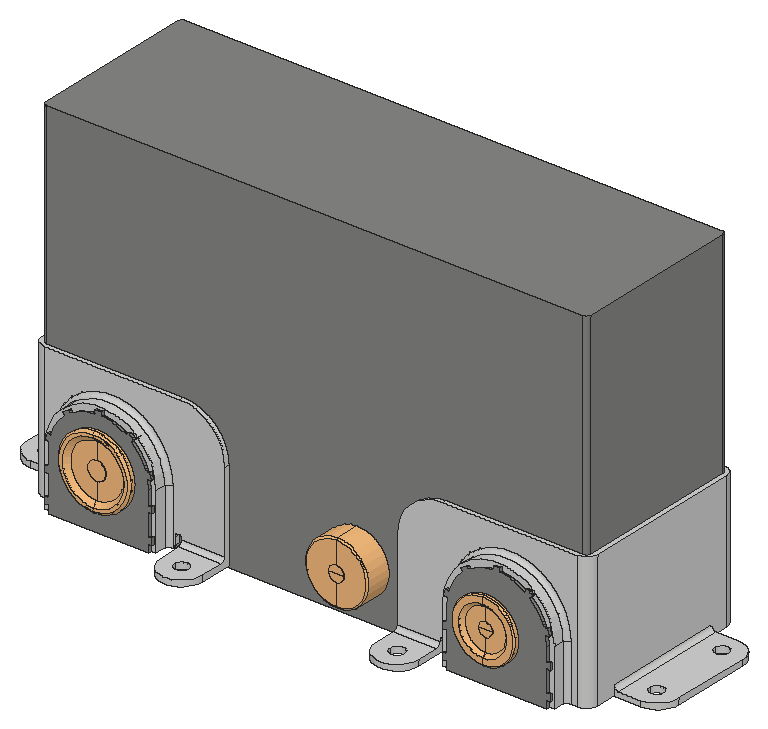
Revit family "Valve-Two_Outlet_Thermostatic-KOHLER-26340W", category Plumbing Fixtures, host Face, Revit 2017 (continued)
Definition of nested family "K-26340IN"
  Automatic sketch dimensions
    curve 72 to curve 43 = 0.03937"
    plane 10 to curve 54 = 0.16845"
    curve 72 to curve 54 = 7/128"
    curve 52 to curve 52 = 0.02857"
    curve 72 to curve 50 = 0.09843"
    curve 43 to curve 43 = 0.05906"
    curve 47 to curve 47 = 0.05906"
    level to curve 54 = 1.13839"
    curve 52 to curve 54 = 0.05742"
    plane 10 to curve 53 = 0.26874"
    curve 55 to curve 56 = 0.21269"
    level to curve 56 = 1.63661"
    curve 56 to curve 57 = 0.09307"
    curve 57 to curve 58 = 0.03644"
    curve 60 to plane 9 "1" = 0.04432"
    curve 74 to curve 51 = 0"
    curve 75 to curve 51 = 0"
    plane 9 "1" to curve 61 = 0.07379"
    curve 63 to curve 65 = 0.43249"
    curve 63 to curve 65 = 0.03644"
    curve 65 to curve 66 = 0.09307"
    curve 67 to curve 64 = 0.03644"
    plane 10 to curve 70 = 0.26874"
    curve 70 to curve 75 = 0.14067"
    plane 10 to curve 68 = 0.15414"
    curve 67 to curve 68 = 0.02857"
    curve 81 to curve 86 = 0.09843"
    curve 80 to curve 77 = 0"
    plane 10 to curve 69 = 0.28306"
    curve 67 to curve 69 = 0.05742"
    curve 81 to curve 83 = 0.05906"
    curve 77 to curve 79 = 0.05906"
    curve 32 to curve 87 = 0.00197"
    curve 29 to curve 28 = 0.05118"
    curve 26 to curve 26 = 0.05906"
    curve 24 to plane 14 = 0.41339"
    plane 14 to curve 25 = 0.37402"
    plane 14 to curve 201 = 0.78156"
    curve 202 to curve 198 = 0.01718"
    curve 202 to plane 3 "Center (Left/Right)" = 0.01569"
    curve 196 to plane 19 "3" = 0.34598"
    plane 18 to curve 90 = 0.37402"
    curve 92 to plane 18 = 0.37402"
    curve 88 to plane 18 = 0.41339"
    curve 91 to curve 91 = 0.05906"
    plane 10 to curve 144 = 0.00659"
    curve 144 to plane 18 = 0.54134"
    curve 144 to curve 94 = 0.00197"
    plane 10 to curve 143 = 0.00264"
    curve 131 to curve 143 = 0.07874"
    curve 132 to curve 141 = 0.03937"
    curve 143 to curve 135 = 0.03937"
    plane 10 to curve 125 = 0.16845"
    curve 132 to curve 125 = 7/128"
    plane 10 to curve 126 = 0.28306"
    curve 125 to curve 126 = 0.02857"
    curve 135 to curve 135 = 0.05906"
    curve 140 to curve 141 = 0.05906"
    curve 139 to curve 139 = 0.05906"
    level to curve 125 = 1.13839"
    plane 10 to curve 127 = 0.26874"
    plane 8 "2" to curve 121 = 0.44389"
    curve 121 to curve 123 = 0.03644"
    curve 121 to curve 121 = 0.09307"
    curve 121 to curve 122 = 0.03644"
    curve 118 to plane 8 "2" = 0.11811"
    curve 132 to curve 108 = 0"
    curve 131 to curve 132 = 0"
    curve 118 to curve 118 = 0.11811"
    curve 116 to curve 115 = 0.43249"
    curve 116 to curve 114 = 0.03644"
    curve 115 to curve 113 = 0.09307"
    curve 113 to curve 114 = 0.03644"
    plane 10 to curve 110 = 0.26874"
    curve 110 to curve 132 = 0.14067"
    plane 10 to curve 111 = 0.15414"
    curve 110 to curve 111 = 0.02857"
    curve 100 to curve 129 = 0.09843"
    curve 102 to curve 99 = 0"
    curve 110 to curve 110 = 0.05742"
    plane 10 to curve 109 = 0.16845"
    curve 103 to curve 105 = 0.05906"
    curve 102 to curve 101 = 0.05906"
    level to curve 25 = 0.01969"
    level to curve 90 = 0.01969"
    level to curve 97 = 0.01969"
    level to curve 32 = 0.01969"
    curve 86 to curve 79 = 0.11811"
    curve 97 to curve 135 = 0.11811"
    curve 99 to curve 100 = 0.1378"
    curve 42 to curve 42 = 0.1378"
    curve 28 to curve 28 = 0.14564"
    curve 93 to curve 93 = 0.14564"
    curve 77 to curve 81 = 0.11811"
    curve 42 to curve 46 = 0.11811"
    curve 135 to curve 137 = 0.11811"
    curve 99 to curve 102 = 0.11811"
    plane 11 "A" to curve 104 = 0.25591"
    plane 11 "A" to curve 139 = 0.25591"
    plane 11 "A" to curve 46 = 0.25591"
    plane 11 "A" to curve 83 = 0.25591"
    curve 46 to curve 49 = 0.11811"
    curve 103 to curve 106 = 0.11811"
    curve 138 to curve 141 = 0.11811"
    curve 82 to curve 83 = 0.11811"
    plane 10 to curve 90 = 0.61024"
    plane 10 to curve 25 = 0.61024"
    curve 123 to curve 121 = 0.04664"
    curve 113 to curve 113 = 0.04664"
    curve 55 to curve 57 = 0.04664"
    curve 66 to curve 64 = 0.04664"
    curve 63 to curve 62 = 0.05918"
    curve 120 to curve 119 = 0.05918"
    curve 89 to curve 201 = 0.84371"
    curve 200 to curve 202 = 0.38428"
    curve 201 to curve 199 = 0.47517"
    curve 202 to curve 198 = 0.47517"
    curve 196 to curve 199 = 1.1811"
    curve 197 to curve 196 = 1.1811"
    level to curve 33 = 0.01969"
    curve 33 to curve 76 = 0.32315"
    curve 153 to plane 21 = 0.09843"
    plane 3 "Center (Left/Right)" to curve 200 = 0.00149"
    curve 153 to plane 20 = 0.09843"
    level to curve 98 = 0.01969"
    curve 133 to curve 98 = 0.32315"
    curve 96 to curve 91 = 0.09839"
    curve 25 to curve 31 = 0.09843"
    level to curve 152 = 0.33465"
    level to curve 206 = 0.33465"
    level to curve 38 = 0.34445"
    curve 145 to curve 151 = 0.01969"
    curve 206 to curve 207 = 0.02833"
    curve 37 to curve 39 = 0.03942"
    curve 39 to curve 40 = 0.05704"
    curve 146 to curve 147 = 0.11308"
    curve 35 to curve 41 = 0.07881"
    curve 147 to curve 148 = 0.05913"
    curve 153 to plane 7 = 0.37402"
    plane 16 to Extrusion 1 sketch curve = 0"
    Extrusion 1 sketch curve to plane 17 = 0"
    Extrusion 1 sketch curve to plane 21 = 0.09843"
    Extrusion 1 sketch curve to Extrusion 1 sketch curve = 0.07874"  (x3)
    plane 16 to Extrusion 1 sketch curve = 0.07874"
    Extrusion 1 sketch curve to plane 20 = 0.17717"
    plane 21 to Extrusion 2 sketch curve = 0"
    Extrusion 2 sketch curve to plane 20 = 0"
    level to Extrusion 2 sketch curve = 0.01969"  (x4)
    Extrusion 2 sketch curve to plane 14 = 0.54331"
    Extrusion 2 sketch curve to Extrusion 2 sketch curve = 0.05118"  (x2)
    Extrusion 2 sketch curve to Extrusion 2 sketch curve = 0.05906"  (x2)
    Extrusion 2 sketch curve to plane 14 = 0.41339"
    plane 14 to Extrusion 2 sketch curve = 0.37402"
    plane 18 to Extrusion 2 sketch curve = 0.37402"
    Extrusion 2 sketch curve to plane 18 = 0.37402"
    Extrusion 2 sketch curve to plane 18 = 0.41339"
    Extrusion 2 sketch curve to Extrusion 2 sketch curve = 0.14564"  (x2)
    plane 10 to Extrusion 2 sketch curve = 0.61024"  (x2)
    Sweep 3 sketch curve to profile plane = 0"  (x2)
    Sweep 3 sketch curve to profile plane = 0.19685"
    Sweep 4 sketch curve to profile plane = 0"  (x2)
    Sweep 4 sketch curve to profile plane = 0.19685"
    profile plane to Sweep 5 sketch curve = 0"
    Sweep 5 sketch curve to profile plane = 0"
    Sweep 5 sketch curve to profile plane = 0.19685"
    profile plane to Sweep 6 sketch curve = 0"
    Sweep 6 sketch curve to profile plane = 0"
    Sweep 6 sketch curve to profile plane = 0.19685"
    Extrusion 7 sketch curve to Extrusion 7 sketch curve = 0"  (x12)
    Extrusion 7 sketch curve to plane 4 = 0"
    Extrusion 7 sketch curve to plane 21 = 0"
    Extrusion 7 sketch curve to plane 14 = 0"  (x2)
    Extrusion 7 sketch curve to plane 18 = 0"  (x2)
    Extrusion 7 sketch curve to plane 20 = 0"
    Extrusion 7 sketch curve to plane 15 = 0"
    plane 4 to Extrusion 7 sketch curve = 0.37402"  (x2)
    Extrusion 7 sketch curve to plane 16 = 0.07874"  (x2)
    Extrusion 7 sketch curve to plane 14 = 0.37401"  (x2)
    Extrusion 7 sketch curve to plane 17 = 0.07874"  (x2)
    plane 18 to Extrusion 7 sketch curve = 0.37401"  (x2)
    plane 15 to Extrusion 7 sketch curve = 0.37402"  (x2)
    plane 13 to Extrusion 7 sketch curve = 0.07874"  (x2)
    plane 17 to Extrusion 7 sketch curve = 0.45276"  (x2)
    Extrusion 7 sketch curve to Extrusion 7 sketch curve = 0.01969"  (x4)
    Extrusion 7 sketch curve to plane 1 "Center (Front/Back)" = 0.68898"  (x2)
    plane 12 to Extrusion 7 sketch curve = 0.07874"  (x2)
    level to Extrusion 8 sketch curve = 0.01969"  (x2)
    Extrusion 8 sketch curve to plane 21 = 0.40354"
    plane 10 to Extrusion 8 sketch curve = 0.00264"
    plane 9 "1" to Extrusion 8 sketch curve = 0.01473"
    plane 10 to Extrusion 8 sketch curve = 0.00659"
    Extrusion 8 sketch curve to plane 18 = 0.62008"
    Extrusion 8 sketch curve to plane 8 "2" = 0.17717"
    Extrusion 9 sketch curve to Extrusion 9 sketch curve = 0"  (x66)
    Extrusion 9 sketch curve to level = 0"  (x2)
    Extrusion 9 sketch curve to plane 10 = 0"  (x3)
    Extrusion 9 sketch curve to plane 9 "1" = 0"
    plane 8 "2" to Extrusion 9 sketch curve = 0"
    Extrusion 9 sketch curve to plane 11 "A" = 0"
    Extrusion 9 sketch curve to plane 9 "1" = 0.04432"
    Extrusion 9 sketch curve to Extrusion 9 sketch curve = 0.43249"  (x3)
    Extrusion 9 sketch curve to Extrusion 9 sketch curve = 0.03644"  (x8)
    Extrusion 9 sketch curve to Extrusion 9 sketch curve = 0.09307"  (x4)
    plane 10 to Extrusion 9 sketch curve = 0.26874"  (x4)
    Extrusion 9 sketch curve to Extrusion 9 sketch curve = 0.24912"  (x3)
    plane 10 to Extrusion 9 sketch curve = 0.15414"  (x3)
    Extrusion 9 sketch curve to Extrusion 9 sketch curve = 0.02857"  (x4)
    Extrusion 9 sketch curve to plane 21 = 0.50197"
    Extrusion 9 sketch curve to Extrusion 9 sketch curve = 0.05742"  (x3)
    plane 10 to Extrusion 9 sketch curve = 0.16845"  (x3)
    Extrusion 9 sketch curve to Extrusion 9 sketch curve = 0.05906"  (x9)
    plane 9 "1" to Extrusion 9 sketch curve = 0.07379"
    Extrusion 9 sketch curve to plane 14 = 0.7185"
    plane 10 to Extrusion 9 sketch curve = 0.28306"  (x2)
    plane 11 "A" to Extrusion 9 sketch curve = 0.1378"
    Extrusion 9 sketch curve to plane 18 = 0.65945"
    Extrusion 9 sketch curve to Extrusion 9 sketch curve = 0.0153"
    level to Extrusion 9 sketch curve = 1.13839"
    plane 8 "2" to Extrusion 9 sketch curve = 0.44389"
    Extrusion 9 sketch curve to plane 8 "2" = 0.11811"
    Extrusion 9 sketch curve to Extrusion 9 sketch curve = 0.11811"  (x9)
    Extrusion 9 sketch curve to Extrusion 9 sketch curve = 0.1378"  (x3)
    level to Extrusion 9 sketch curve = 0.1378"
    plane 11 "A" to Extrusion 9 sketch curve = 0.25591"  (x3)
    Extrusion 9 sketch curve to Extrusion 9 sketch curve = 0.04664"  (x4)
    Extrusion 9 sketch curve to Extrusion 9 sketch curve = 0.05918"  (x2)
    Revolve 10 sketch curve to plane 10 = 0"  (x3)
    Revolve 10 sketch curve to plane 13 = 0"
    Revolve 10 sketch curve to plane 12 = 0"
    Revolve 10 sketch curve to plane 16 = 0"
    Revolve 10 sketch curve to plane 17 = 0"
    Revolve 10 sketch curve to plane 12 = 0.07881"
    plane 10 to Revolve 10 sketch curve = 0.46454"  (x2)
    Revolve 10 sketch curve to plane 13 = 0.07881"
    Revolve 10 sketch curve to Revolve 10 sketch curve = 0.07881"  (x2)
    Revolve 10 sketch curve to Revolve 10 sketch curve = 0.05704"  (x2)
    Revolve 10 sketch curve to Revolve 10 sketch curve = 0.03942"
    Revolve 10 sketch curve to Revolve 10 sketch curve = 0.17527"
    Revolve 10 sketch curve to plane 12 = 0.03942"
    Revolve 10 sketch curve to plane 13 = 0.03942"
    plane 5 to Revolve 10 sketch curve = 0.19685"
    Revolve 10 sketch curve to Revolve 10 sketch curve = 0.07874"
    plane 11 "A" to Revolve 11 sketch curve = 0"  (x3)
    Revolve 11 sketch curve to plane 13 = 0.07881"
    plane 10 to Revolve 11 sketch curve = 0.26086"  (x2)
    Revolve 11 sketch curve to plane 12 = 0.07881"
    Revolve 11 sketch curve to plane 12 = 0.01969"
    Revolve 11 sketch curve to Revolve 11 sketch curve = 0.05913"  (x2)
    Revolve 11 sketch curve to plane 13 = 0.01969"
    Revolve 11 sketch curve to Revolve 11 sketch curve = 0.11308"  (x2)
    Revolve 11 sketch curve to plane 13 = 0.04488"
    Revolve 11 sketch curve to Revolve 11 sketch curve = 0.01969"  (x2)
    Revolve 11 sketch curve to Revolve 11 sketch curve = 0.0252"
    Revolve 11 sketch curve to plane 16 = 0.09843"
    Revolve 11 sketch curve to plane 17 = 0.09843"
    plane 5 to Revolve 11 sketch curve = 0.32325"
    Revolve 11 sketch curve to plane 6 = 0.16487"
    profile plane to Sweep 12 sketch curve = 0"
    Sweep 12 sketch curve to profile plane = 0"
    Sweep 12 sketch curve to Sweep 12 sketch curve = 0.07874"
    Sweep 13 sketch curve to profile plane = 0"
    profile plane to Sweep 13 sketch curve = 0"
    profile plane to Sweep 13 sketch curve = 0.07874"
    profile plane to Sweep 14 sketch curve = 0"
    Sweep 14 sketch curve to profile plane = 0"
    Sweep 14 sketch curve to Sweep 14 sketch curve = 0.07874"
    Extrusion 15 sketch curve to plane 9 "1" = 0.16243"
    Extrusion 15 sketch curve to Extrusion 15 sketch curve = 0.07874"  (x2)
    level to Extrusion 15 sketch curve = 0.11811"  (x2)
    Extrusion 15 sketch curve to plane 8 "2" = 0.27559"
    Extrusion 16 sketch curve to plane 17 = 0.15748"
    Extrusion 16 sketch curve to Extrusion 16 sketch curve = 0.07874"  (x2)
    Extrusion 16 sketch curve to plane 16 = 0.07874"
    level to Extrusion 16 sketch curve = 0.11811"  (x2)
    Extrusion 17 sketch curve to plane 17 = 0.15748"
    Extrusion 17 sketch curve to Extrusion 17 sketch curve = 0.07874"  (x2)
    Extrusion 17 sketch curve to plane 16 = 0.07874"
    level to Extrusion 17 sketch curve = 0.11811"  (x2)
    Masking region 1 sketch curve to plane 21 = 0"
    Masking region 1 sketch curve to plane 20 = 0"
    Masking region 1 sketch curve to plane 21 = 0.19685"  (x2)
    Masking region 1 sketch curve to plane 17 = 0.07874"
    plane 16 to Masking region 1 sketch curve = 0.11811"  (x2)
    Masking region 1 sketch curve to Masking region 1 sketch curve = 4.65551"  (x2)
    Masking region 2 sketch curve to plane 4 = 0"
    plane 21 to Masking region 2 sketch curve = 0"
    Masking region 2 sketch curve to level = 0"
    Masking region 2 sketch curve to plane 7 = 0"
    Masking region 2 sketch curve to plane 20 = 0"
    plane 15 to Masking region 2 sketch curve = 0"
    plane 21 to Masking region 2 sketch curve = 0.07874"
    level to Masking region 2 sketch curve = 0.01969"  (x2)
    Masking region 2 sketch curve to plane 21 = 0.0723"
    Masking region 2 sketch curve to Masking region 2 sketch curve = 0.02612"  (x2)
    Masking region 2 sketch curve to plane 21 = 0.09843"
    Masking region 2 sketch curve to plane 20 = 0.09843"  (x2)
    plane 20 to Masking region 2 sketch curve = 0.07874"
    Masking region 2 sketch curve to Masking region 2 sketch curve = 0.09843"
    level to Masking region 2 sketch curve = 0.11811"
    plane 10 to Masking region 2 sketch curve = 1.39764"  (x2)
    Masking region 3 sketch curve to plane 7 = 0"
    Masking region 3 sketch curve to plane 16 = 0"
    Masking region 3 sketch curve to plane 17 = 0"
    Masking region 3 sketch curve to plane 12 = 0"
    Masking region 3 sketch curve to plane 13 = 0"
    Masking region 3 sketch curve to plane 5 = 0"
    Masking region 3 sketch curve to plane 6 = 0"
    Masking region 3 sketch curve to level = 0"
    Masking region 3 sketch curve to plane 16 = 0.07874"
    plane 10 to Masking region 3 sketch curve = 1.39764"  (x2)
    Masking region 3 sketch curve to Masking region 3 sketch curve = 0.33789"  (x2)
    Masking region 3 sketch curve to plane 17 = 0.07874"
    Masking region 3 sketch curve to Masking region 3 sketch curve = 0.07874"  (x3)
    Masking region 3 sketch curve to Masking region 3 sketch curve = 0.04783"  (x2)
    Masking region 3 sketch curve to plane 12 = 0.05906"
    Masking region 3 sketch curve to Masking region 3 sketch curve = 0.27373"
    Masking region 3 sketch curve to plane 13 = 0.09843"
    Masking region 3 sketch curve to Masking region 3 sketch curve = 0.29337"
    Masking region 3 sketch curve to Masking region 3 sketch curve = 0.05906"
    Masking region 3 sketch curve to Masking region 3 sketch curve = 0.03942"
    level to Masking region 3 sketch curve = 0.38387"  (x2)
    Masking region 3 sketch curve to plane 12 = 0.01969"
    Masking region 3 sketch curve to Masking region 3 sketch curve = 0.02954"
    Masking region 3 sketch curve to plane 13 = 0.04488"
    Masking region 3 sketch curve to Masking region 3 sketch curve = 0.04922"
    Masking region 3 sketch curve to Masking region 3 sketch curve = 0.03076"
    Masking region 3 sketch curve to Masking region 3 sketch curve = 0.11811"
    level to Masking region 3 sketch curve = 0.11811"
    level to Masking region 3 sketch curve = 0.01969"  (x2)
    Masking region 3 sketch curve to plane 12 = 0.03293"
    Masking region 3 sketch curve to Masking region 3 sketch curve = 0.02612"  (x2)
    Masking region 3 sketch curve to Masking region 3 sketch curve = 0.03937"  (x2)
    Masking region 3 sketch curve to Masking region 3 sketch curve = 0.05354"
    Masking region 3 sketch curve to plane 13 = 0.05906"
    Masking region 3 sketch curve to plane 13 = 0.03942"
    curve 175 to plane 17 = 0"
    curve 175 to plane 16 = 0"
    curve 193 to plane 13 = 0"
    curve 174 to plane 12 = 0"
    curve 180 to plane 1 "Center (Front/Back)" = 0"
    curve 179 to level = 0"
    curve 181 to level = 0"
    curve 160 to level = 0"
    curve 162 to level = 0"
    curve 162 to plane 16 = 0"
    curve 181 to plane 17 = 0"
    level to curve 161 = 0.01969"
    curve 210 to curve 210 = 0.1381"
    curve 157 to curve 157 = 0.13977"
    curve 193 to plane 13 = 0.03942"
    curve 193 to curve 178 = 0.32476"
    curve 154 to plane 16 = 0.07874"
    plane 10 to curve 154 = 1.39764"
    curve 159 to plane 12 = 0.1378"
    plane 16 to curve 210 = 0.32889"
    curve 210 to curve 211 = 0.06193"
    plane 17 to curve 157 = 0.45276"
    curve 157 to curve 213 = 0.06314"
    curve 177 to plane 17 = 0.07874"
    curve 178 to plane 13 = 0.1378"
    level to curve 176 = 0.01969"
    curve 194 to curve 179 = 0.01969"
    curve 157 to curve 156 = 0.04134"
    curve 163 to curve 159 = 0.11811"
    curve 182 to curve 194 = 0.11811"
    curve 195 to curve 183 = 0.08854"
    curve 164 to plane 12 = 0.05906"
    curve 164 to curve 163 = 0.11811"
    curve 173 to plane 12 = 0.03942"
    curve 173 to curve 164 = 0.083"
    curve 174 to curve 173 = 0.00554"
    curve 174 to curve 174 = 0.03942"
    curve 193 to curve 192 = 0.03942"
    curve 184 to plane 13 = 0.09843"
    plane 11 "A" to curve 184 = 0.25591"
    curve 165 to curve 174 = 0.24605"
    curve 166 to curve 165 = 0.11811"
    curve 185 to curve 184 = 0.11811"
    plane 10 to curve 186 = 0.15414"
    plane 10 to curve 167 = 0.15414"
    curve 187 to curve 186 = 0.01432"
    curve 168 to curve 167 = 0.01432"
    curve 169 to curve 168 = 0.1146"
    curve 188 to curve 187 = 0.1146"
    curve 192 to curve 188 = 0.35675"
    curve 173 to curve 169 = 0.35675"
    curve 170 to curve 173 = 0.01255"
    curve 189 to curve 192 = 0.01255"
    curve 171 to curve 170 = 0.04664"
    curve 190 to curve 189 = 0.04664"
    curve 172 to curve 171 = 0.07272"
    curve 191 to curve 190 = 0.07272"
    curve 160 to curve 172 = 0.16146"
    curve 179 to curve 191 = 0.16146"
    curve 159 to curve 160 = 0.04783"
    curve 178 to curve 179 = 0.04783"
    curve 175 to plane 7 = 0.26084"
    plane 12 to curve 176 = 0.12123"
    curve 162 to plane 16 = 0.02811"
    curve 181 to plane 17 = 0.02811"
    plane 13 to curve 194 = 0.12123"
    plane 16 to Extrusion 18 sketch curve = 0"
    Extrusion 18 sketch curve to plane 17 = 0"
    Extrusion 18 sketch curve to plane 21 = 0.09843"
    Extrusion 18 sketch curve to plane 20 = 0.09843"
    Extrusion 19 sketch curve to level = 0"  (x2)
    Extrusion 19 sketch curve to plane 21 = 0.50197"
    plane 10 to Extrusion 19 sketch curve = 0.00545"  (x2)
    plane 9 "1" to Extrusion 19 sketch curve = 0.01473"
    plane 8 "2" to Extrusion 19 sketch curve = 0.69882"
    Extrusion 19 sketch curve to plane 8 "2" = 0.17717"
    Extrusion 20 sketch curve to plane 21 = 0"
    plane 16 to Extrusion 20 sketch curve = 0"  (x2)
    Extrusion 20 sketch curve to plane 17 = 0"  (x2)
    Extrusion 20 sketch curve to plane 20 = 0"
    Extrusion 20 sketch curve to plane 21 = 0.09843"
    plane 14 to Extrusion 20 sketch curve = 0.37402"  (x2)
    Extrusion 20 sketch curve to plane 17 = 0.07874"  (x2)
    plane 18 to Extrusion 20 sketch curve = 0.37402"  (x2)
    Extrusion 20 sketch curve to plane 20 = 0.09843"
    Extrusion 20 sketch curve to plane 16 = 0.07874"
    Extrusion 20 sketch curve to Extrusion 20 sketch curve = 0.07874"
    Extrusion 21 sketch curve to Extrusion 21 sketch curve = 0"  (x16)
    Extrusion 21 sketch curve to plane 4 = 0"
    Extrusion 21 sketch curve to plane 21 = 0"
    Extrusion 21 sketch curve to plane 5 = 0"  (x2)
    plane 6 to Extrusion 21 sketch curve = 0"  (x2)
    Extrusion 21 sketch curve to plane 20 = 0"
    Extrusion 21 sketch curve to plane 15 = 0"
    plane 4 to Extrusion 21 sketch curve = 0.37402"  (x2)
    Extrusion 21 sketch curve to plane 14 = 0.37401"  (x2)
    Extrusion 21 sketch curve to plane 17 = 0.07874"  (x2)
    plane 14 to Extrusion 21 sketch curve = 0"  (x2)
    plane 14 to Extrusion 21 sketch curve = 0.37402"  (x2)
    plane 18 to Extrusion 21 sketch curve = 0.37401"  (x2)
    Extrusion 21 sketch curve to plane 18 = 0"  (x2)
    Extrusion 21 sketch curve to plane 16 = 0.07874"  (x2)
    Extrusion 21 sketch curve to plane 18 = 0.37402"  (x2)
    plane 15 to Extrusion 21 sketch curve = 0.37402"  (x2)
    plane 13 to Extrusion 21 sketch curve = 0.07874"  (x2)
    plane 17 to Extrusion 21 sketch curve = 0.45276"  (x2)
    Extrusion 21 sketch curve to Extrusion 21 sketch curve = 0.35433"  (x4)
    Extrusion 21 sketch curve to plane 1 "Center (Front/Back)" = 0.70866"  (x2)
    plane 12 to Extrusion 21 sketch curve = 0.07874"  (x2)
    Extrusion 21 sketch curve to Extrusion 21 sketch curve = 0.12598"  (x4)
    Extrusion 21 sketch curve to plane 14 = 0.12598"  (x2)
    plane 18 to Extrusion 21 sketch curve = 0.12598"  (x2)
    Extrusion 22 sketch curve to plane 9 "1" = 0"
    Extrusion 22 sketch curve to plane 10 = 0"
    Extrusion 23 sketch curve to plane 9 "1" = 0"
    plane 8 "2" to Extrusion 23 sketch curve = 0"
    Extrusion 23 sketch curve to plane 11 "A" = 0"
    Extrusion 23 sketch curve to plane 10 = 0"
    plane 21 to Extrusion 24 sketch curve = 0"
    Extrusion 24 sketch curve to plane 20 = 0"
    Extrusion 24 sketch curve to Extrusion 24 sketch curve = 0.07874"  (x2)
    level to Extrusion 24 sketch curve = 0.11811"  (x2)
    Revolve 25 sketch curve to plane 16 = 0"
    Revolve 25 sketch curve to plane 17 = 0"
    plane 11 "A" to Revolve 25 sketch curve = 0"  (x3)
    Revolve 25 sketch curve to plane 13 = 0.01969"
    plane 10 to Revolve 25 sketch curve = 0.42443"  (x2)
    Revolve 25 sketch curve to plane 12 = 0.01969"
    Revolve 25 sketch curve to Revolve 25 sketch curve = 0.02833"  (x3)
    Revolve 25 sketch curve to plane 12 = 0.04801"
    plane 5 to Revolve 25 sketch curve = 1.51581"
    plane 6 to Revolve 25 sketch curve = 0.49208"
    Sweep 26 sketch curve to profile plane = 0"
    profile plane to Sweep 26 sketch curve = 0"
    profile plane to Sweep 26 sketch curve = 0.07874"
    Extrusion 27 sketch curve to Extrusion 27 sketch curve = 0"  (x2)
    plane 19 "3" to Extrusion 27 sketch curve = 0"
    Extrusion 27 sketch curve to plane 11 "A" = 0"
    level to Extrusion 27 sketch curve = 0.33465"
    curve 214 to Revolve 28 sketch curve = 0.2697"
    Revolve 28 sketch curve to Revolve 28 sketch curve = 0.1335"
    Revolve 28 sketch curve to Revolve 28 sketch curve = 0.06371"
    Revolve 28 sketch curve to curve 214 = 0.58141"
    Revolve 29 sketch curve to curve 215 = 0.1285"
    curve 215 to Revolve 29 sketch curve = 0.11811"
    Revolve 29 sketch curve to Revolve 29 sketch curve = 0.19692"
    curve 215 to Revolve 29 sketch curve = 0.42756"
    Masking region 1 sketch curve to plane 20 = 0.19685"
    Masking region 1 sketch curve to Masking region 1 sketch curve = 1.39764"  (x2)
    curve 214 to plane 19 "3" = 0"
    curve 215 to plane 8 "2" = 0"
    radius of Extrusion 7 sketch curve = 0.12598"  (x8)
    radius of Extrusion 9 sketch curve = 0.54335"
    radius of Extrusion 9 sketch curve = 0.41841"
    radius of Extrusion 22 sketch curve = 0.15748"
    radius of Extrusion 23 sketch curve = 0.63981"
    radius of Extrusion 23 sketch curve = 0.55118"
